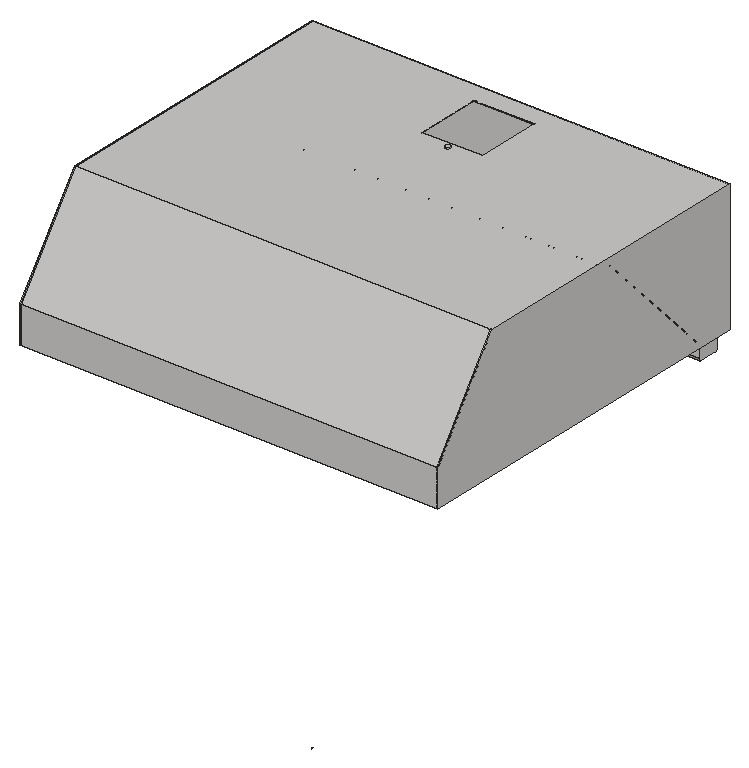
Revit family "QF_ELECTROLUXPROFESSIONAL_644242_ABPV1416DT", category Attrezzature speciali, Revit 2021
Family settings
  Quota connettore circolare = Usa diametro
  Tipo di parte = Normale
  Basato su piano di lavoro = No
  Sempre verticale = Sì
  Taglio con vuoti quando caricato = No
  Condiviso = No
  Punto di calcolo locali = No
Parameters (values of type "Standard")
  Weight = 56.00 kg
  Watts = 550 W
  Volts = 220 V
  URL Manufacturer = "https://www.electroluxprofessional.com/"
  URL = "https://www.electroluxprofessional.com/"
  Steam Supply Size = 0 mm
  Steam Supply Minimum Pressure = 0.0 Pa
  Steam Supply Maximum Pressure = 0.0 Pa
  Steam Consumption per Hour = 0
  Refrigeration Suction Line Size = 0 mm
  Refrigeration Liquid Line Size = 0 mm
  Refrigerant Compressor Remote = yes
  Prospetto di default = 0 mm
  Produttore = "Electrolux Professional"
  Phase = 1
  Modello = "ABPV1416DT"
  Length Actual = 1600 mm  # constant formula
  Item Number = "644242"
  Hot Water Size = 0 mm
  Height Actual = 500 mm  # constant formula
  HP = "0.7 HP"
  Gas Size = 0 mm
  Gas KW = 0
  Gas Input Pressure = 0 W
  Direct Waste Size = 0 mm
  Descrizione = "304 S/S WALL HOOD+FILTER+FAN 1600X1400MM"
  Depth Actual = 1400 mm  # constant formula
  Cycle = 50 Hz
  Condensate Return Size = 0 mm
  Compressed Air Volume = 0.0 L/s
  Compressed Air Size = 0 mm
  Compressed Air Pressure = 0.0 Pa
  Cold Water Size = 0 mm
  Accessory = yes
Reference planes
  plane 1: z = 0
  plane 2 "Center (Left/Right)": x = 150
  plane 3 "LEFT": x = -650
  plane 4 "RIGHT": x = 950
  plane 5 "BACK": y = 550
  plane 6 "TOP": z = 2500
  plane 7 "Base": z = 2000
  plane 8: z = 1926
  plane 9 "DrainY": y = 485
  plane 10: x = -647
  plane 11: through (0, 414.509, 2000.8) normal (0, 0.7314, 0.682)
  plane 12: y = 470
  plane 13: y = 220
  plane 14 "DrainX": x = 830
  plane 15: x = 33.5
  plane 16: x = 266.5
  plane 17: x = 947
  plane 18: x = 740
  plane 19: x = 920
  plane 20: x = -450
  plane 21: x = 750
  plane 22: x = -47.5
  plane 23: x = 347.5
  plane 24: z = 2140
  plane 25: y = -290
  plane 26: y = 200
  plane 27 "Center (Front/Back)": y = -150
  plane 28 "Front": y = -850
Forms (mm)
  Extrusion 1, solid, material "QF_Finishes_Stainless Steel"
    sketch origin (-650, 0, 360) x (0, 1, 0) y (0, 0, 1)
      loop
        line (550, 1640) -> (550, 2140) -> (-590, 2140) -> (-850, 1780) -> (-850, 1640) -> (550, 1640)
    from 0 to 3
  Extrusion 2, solid, material "QF_Finishes_Stainless Steel"
    sketch origin (150, 0, 360) x (0, 1, 0) y (0, 0, 1)
      loop
        line (415.255, 1640) -> (550, 1640) -> (550, 2139.19) -> (549.2, 2139.19) -> (549.2, 1640.8) -> (415.876, 1640.8) -> (339.347, 1722.867) -> (349.609, 1732.436) -> (348.927, 1733.167) -> (337.934, 1722.917) -> (415.255, 1640)
      loop
        line (-82.203, 2139.19) -> (-82.203, 2118.6) -> (-31.047, 2118.6) -> (34.354, 2048.466) -> (46.028, 2059.352) -> (45.346, 2060.083) -> (34.403, 2049.879) -> (-30.612, 2119.6) -> (-81.203, 2119.6) -> (-81.203, 2139.19) -> (-82.203, 2139.19)
    from -797 to 797
  Extrusion 3, solid, material "QF_Finishes_Stainless Steel"
    sketch origin (950, 0, 360) x (0, 1, 0) y (0, 0, 1)
      loop
        line (550, 1640) -> (550, 2140) -> (-590, 2140) -> (-850, 1780) -> (-850, 1640) -> (550, 1640)
    from 0 to -3
  Extrusion 4, solid, material "QF_Finishes_Stainless Steel"
    sketch origin (150, 0, 360) x (0, 1, 0) y (0, 0, 1)
      loop
        line (-590, 2140) -> (-850, 1780) -> (-850, 1640) -> (-849.2, 1640) -> (-849.2, 1779.741) -> (-589.598, 2139.19) -> (550, 2139.19) -> (550, 2140) -> (-590, 2140)
    from -800 to 800
  Extrusion 5, solid, material "QF_Finishes_Stainless Steel"
    sketch origin (150, 0, 360) x (0, 1, 0) y (0, 0, 1)
      loop
        line (534, 1640) -> (436, 1640) -> (436, 1627) -> (443.5, 1627) -> (443.5, 1576)
        arc (443.5, 1576) -> (446.429, 1568.929) -> (453.5, 1566) r 10
        line (453.5, 1566) -> (516.5, 1566)
        arc (516.5, 1566) -> (523.571, 1568.929) -> (526.5, 1576) r 10
        line (526.5, 1576) -> (526.5, 1627) -> (534, 1627) -> (534, 1640)
    from 590 to 770
  Extrusion 6, solid, material "QF_Finishes_Stainless Steel"
    sketch origin (0, 0, 2000) x (0, 1, 0) y (-1, 0, 0)
      loop
        circle (485, -830) r 20
    from -76 to -74
  Extrusion 7, solid, material "QF_Finished_Chrome"
    sketch origin (150, 0, 360) x (0, 1, 0) y (0, 0, 1)
      loop
        line (337.934, 1722.917) -> (341.591, 1726.327) -> (38.011, 2051.876) -> (34.354, 2048.466) -> (337.934, 1722.917)
    from -197.5 to -600
  Extrusion 8, solid, material "QF_Finishes_Stainless Steel"
    sketch origin (150, 0, 360) x (0, 1, 0) y (0, 0, 1)
      loop
        line (337.934, 1722.917) -> (341.591, 1726.327) -> (38.011, 2051.876) -> (34.354, 2048.466) -> (337.934, 1722.917)
    from 797 to 600
  Extrusion 9, solid, material "QF_Finished_Chrome"
    sketch origin (150, 0, 360) x (0, 1, 0) y (0, 0, 1)
      loop
        line (341.588, 1726.324) -> (38.009, 2051.874) -> (34.354, 2048.466) -> (337.934, 1722.917) -> (341.588, 1726.324)
    from 197.5 to 600
  Extrusion 10, void
    sketch origin (0, 0, 2500) x (0, 1, 0) y (-1, 0, 0)
      loop
        line (470, -266.5) -> (470, -33.5) -> (220, -33.5) -> (220, -266.5) -> (470, -266.5)
    from 0 to -10
  Extrusion 11, solid, material "QF_Finishes_Stainless Steel"
    sketch origin (0, 0, 0) x (1, 0, 0) y (0, 1, 0)
      loop
        line (-650, 550) -> (-650, 549) -> (-649, 549) -> (-649, 550) -> (-650, 550)
    from 0 to 1
  Extrusion 12, solid, material "QF_Finishes_Stainless Steel"
    sketch origin (150, 0, 360) x (0, 1, 0) y (0, 0, 1)
      loop
        line (337.934, 1722.917) -> (341.591, 1726.327) -> (38.011, 2051.876) -> (34.354, 2048.466) -> (337.934, 1722.917)
    from -600 to -797
  Extrusion 13, solid, material "QF_Finishes_Stainless Steel"
    sketch origin (150, 0, 360) x (0, 1, 0) y (0, 0, 1)
      loop
        line (337.934, 1722.917) -> (341.591, 1726.327) -> (38.011, 2051.876) -> (34.354, 2048.466) -> (337.934, 1722.917)
    from 197.5 to -197.5
  Extrusion 14, solid, material "QF_Finishes_Stainless Steel"
    sketch origin (0, 0, 2500) x (0, 1, 0) y (-1, 0, 0)
      loop
        circle (200, -150) r 10
    from 0 to 1.6
Cuts and joins
  Extrusion 10 cuts Extrusion 4
  joined: Extrusion 2, Extrusion 4
Lines and regions (mm)
  reference lines
    curve 1: line (150, 34.354, 2408.466) -> (150, 34.354, 2248.466)
  symbolic lines, style "SpecialityEquipment", detail levels coarse
    curve 2: line (950, 550, 2500) -> (-650, 550, 2500)
    curve 3: line (-650, 550, 2500) -> (-650, -850, 2500)
    curve 4: line (950, -850, 2500) -> (950, 550, 2500)
    curve 5: line (-650, -850, 2500) -> (950, -850, 2500)
    curve 6: line (266.5, 220, 2500) -> (33.5, 220, 2500)
    curve 7: line (266.5, 470, 2500) -> (266.5, 220, 2500)
    curve 8: line (33.5, 470, 2500) -> (266.5, 470, 2500)
    curve 9: line (33.5, 220, 2500) -> (33.5, 470, 2500)
    curve 10: line (-647, -589.598, 0) -> (950, 550, 0)
    curve 11: line (-650, 550, 0) -> (950, -589.598, 0)
  symbolic lines, detail levels coarse
    curve 12: line (950, -589.598, 2500) -> (-650, -589.598, 2500)
Dimensions and locks
  plane 3 "LEFT" to plane 4 "RIGHT" = 1600 mm
  equal spacing: plane 3 "LEFT", plane 2 "Center (Left/Right)", plane 4 "RIGHT"
  locked: plane 6 "TOP" to plane 7 "Base" at 500
  plane 7 "Base" to plane 8 = 74 mm
  plane 5 "BACK" to plane 9 "DrainY" = 65 mm  (x2)
  plane 3 "LEFT" to plane 10 = 3 mm
  plane 5 "BACK" to plane 12 = 80 mm
  plane 12 to plane 13 = 250 mm  (x2)
  plane 14 "DrainX" to plane 4 "RIGHT" = 120 mm
  plane 17 to plane 4 "RIGHT" = 3 mm
  locked: plane 18 to plane 14 "DrainX" at 90
  locked: plane 14 "DrainX" to plane 19 at 90
  plane 12 to plane 5 "BACK" = 80 mm
  plane 3 "LEFT" to plane 20 = 200 mm
  plane 21 to plane 4 "RIGHT" = 200 mm
  locked: plane 22 to plane 23 at 395
  equal spacing: plane 22, plane 2 "Center (Left/Right)", plane 23
  locked: plane 15 to plane 16 at 233
  equal spacing: plane 15, plane 2 "Center (Left/Right)", plane 16
  locked: plane 7 "Base" to level at 2000
  plane 24 to plane 7 "Base" = 140 mm
  plane 13 to plane 26 = 20 mm
  locked: plane 5 "BACK" to plane 28 "Front" at 1400
  equal spacing: plane 5 "BACK", plane 27 "Center (Front/Back)", plane 28 "Front"
  plane 5 "BACK" to plane 28 "Front" = 1400 mm
  aligned and locked: level to plane 1
  aligned and locked: Extrusion 2 to Extrusion 1
  aligned and locked: Extrusion 2 to Extrusion 3
  aligned and locked: plane 4 "RIGHT" to Extrusion 4
  aligned and locked: Extrusion 4 to plane 3 "LEFT"
  aligned and locked: plane 17 to Extrusion 8
  aligned and locked: Extrusion 10 to plane 15
  aligned and locked: Extrusion 10 to plane 13
  aligned and locked: Extrusion 10 to plane 12
  aligned and locked: Extrusion 2 to Extrusion 4
  aligned and locked: plane 19 to Extrusion 5
  aligned and locked: Extrusion 5 to plane 18
  aligned and locked: Extrusion 8 to plane 21
  aligned and locked: Extrusion 9 to plane 21
  aligned and locked: Extrusion 7 to plane 20
  aligned and locked: Extrusion 12 to plane 10
  aligned and locked: plane 20 to Extrusion 12
  aligned and locked: Extrusion 3 to plane 17
  aligned and locked: Extrusion 10 to plane 16
  aligned and locked: plane 16 to curve 7
  aligned and locked: plane 23 to Extrusion 13
  aligned and locked: Extrusion 13 to plane 22
  aligned and locked: Extrusion 9 to plane 23
Automatic sketch dimensions
  curve 5 to plane 4 "RIGHT" = 0 mm
  curve 6 to plane 13 = 0 mm
  plane 12 to curve 8 = 0 mm
  curve 3 to plane 3 "LEFT" = 0 mm
  curve 3 to plane 5 "BACK" = 0 mm
  curve 6 to plane 15 = 0 mm
  Extrusion 2 sketch curve to plane 11 = 0 mm  (x3)
  Extrusion 2 sketch curve to plane 7 "Base" = 0 mm
  plane 11 to Extrusion 2 sketch curve = 0 mm
  Extrusion 2 sketch curve to plane 5 "BACK" = 0 mm
  Extrusion 2 sketch curve to Extrusion 2 sketch curve = 65.646 mm
  Extrusion 2 sketch curve to Extrusion 2 sketch curve = 0.682 mm  (x2)
  Extrusion 2 sketch curve to Extrusion 2 sketch curve = 10.261 mm
  plane 7 "Base" to Extrusion 2 sketch curve = 82.917 mm
  Extrusion 2 sketch curve to Extrusion 2 sketch curve = 10.942 mm
  Extrusion 2 sketch curve to Extrusion 2 sketch curve = 0.049 mm
  Extrusion 2 sketch curve to plane 6 "TOP" = 20.4 mm
  Extrusion 2 sketch curve to plane 6 "TOP" = 21.4 mm
  Extrusion 2 sketch curve to plane 6 "TOP" = 0.81 mm  (x2)
  Extrusion 2 sketch curve to Extrusion 2 sketch curve = 50.156 mm
  Extrusion 2 sketch curve to Extrusion 2 sketch curve = 1 mm
  plane 7 "Base" to Extrusion 2 sketch curve = 0.8 mm
  Extrusion 2 sketch curve to plane 5 "BACK" = 0.8 mm
  curve 1 to plane 11 = 0 mm
  Extrusion 5 sketch curve to plane 7 "Base" = 0 mm
  Extrusion 5 sketch curve to plane 8 = 0 mm
  Extrusion 5 sketch curve to plane 7 "Base" = 13 mm  (x2)
  plane 12 to Extrusion 5 sketch curve = 34 mm
  Extrusion 5 sketch curve to Extrusion 5 sketch curve = 7.5 mm  (x2)
  Extrusion 5 sketch curve to Extrusion 5 sketch curve = 10 mm
  plane 9 "DrainY" to Extrusion 5 sketch curve = 31.5 mm
  Extrusion 5 sketch curve to plane 5 "BACK" = 23.5 mm
  Extrusion 6 sketch curve to plane 9 "DrainY" = 0 mm
  Extrusion 6 sketch curve to plane 14 "DrainX" = 0 mm
  Extrusion 7 sketch curve to plane 11 = 0 mm  (x2)
  Extrusion 7 sketch curve to Extrusion 7 sketch curve = 3.657 mm
  plane 7 "Base" to Extrusion 7 sketch curve = 82.917 mm
  Extrusion 8 sketch curve to plane 11 = 0 mm  (x2)
  Extrusion 8 sketch curve to Extrusion 8 sketch curve = 3.657 mm
  plane 7 "Base" to Extrusion 8 sketch curve = 82.917 mm
  Extrusion 9 sketch curve to plane 11 = 0 mm  (x2)
  Extrusion 9 sketch curve to Extrusion 9 sketch curve = 3.655 mm
  plane 7 "Base" to Extrusion 9 sketch curve = 82.917 mm
  Extrusion 10 sketch curve to plane 13 = 0 mm
  plane 12 to Extrusion 10 sketch curve = 0 mm
  Extrusion 10 sketch curve to plane 16 = 0 mm
  Extrusion 10 sketch curve to plane 15 = 0 mm
  Extrusion 11 sketch curve to plane 3 "LEFT" = 0 mm
  Extrusion 11 sketch curve to plane 5 "BACK" = 0 mm
  plane 3 "LEFT" to Extrusion 11 sketch curve = 1 mm
  Extrusion 11 sketch curve to Extrusion 11 sketch curve = 1 mm
  Extrusion 12 sketch curve to plane 11 = 0 mm  (x2)
  Extrusion 12 sketch curve to Extrusion 12 sketch curve = 3.657 mm
  plane 7 "Base" to Extrusion 12 sketch curve = 82.917 mm
  Extrusion 13 sketch curve to plane 11 = 0 mm  (x2)
  Extrusion 13 sketch curve to Extrusion 13 sketch curve = 3.657 mm
  plane 7 "Base" to Extrusion 13 sketch curve = 82.917 mm
  curve 1 to curve 1 = 160 mm
  Extrusion 4 sketch curve to plane 6 "TOP" = 0 mm
  plane 25 to Extrusion 4 sketch curve = 300 mm
  Extrusion 4 sketch curve to plane 5 "BACK" = 0 mm
  Extrusion 4 sketch curve to plane 24 = 0 mm
  Extrusion 4 sketch curve to Extrusion 4 sketch curve = 0.81 mm
  plane 25 to Extrusion 4 sketch curve = 299.598 mm
  Extrusion 4 sketch curve to plane 7 "Base" = 0 mm
  Extrusion 4 sketch curve to plane 24 = 0.259 mm
  Extrusion 1 sketch curve to plane 5 "BACK" = 0 mm
  Extrusion 1 sketch curve to plane 7 "Base" = 0 mm
  Extrusion 1 sketch curve to plane 6 "TOP" = 0 mm
  plane 25 to Extrusion 1 sketch curve = 300 mm
  Extrusion 1 sketch curve to plane 24 = 0 mm
  Extrusion 3 sketch curve to plane 5 "BACK" = 0 mm
  Extrusion 3 sketch curve to plane 7 "Base" = 0 mm
  Extrusion 3 sketch curve to plane 6 "TOP" = 0 mm
  plane 25 to Extrusion 3 sketch curve = 300 mm
  Extrusion 3 sketch curve to plane 24 = 0 mm
  Extrusion 14 sketch curve to plane 2 "Center (Left/Right)" = 0 mm
  plane 26 to Extrusion 14 sketch curve = 0 mm
  Extrusion 2 sketch curve to plane 6 "TOP" = 91.534 mm
  plane 24 to curve 1 = 108.466 mm
  Extrusion 7 sketch curve to plane 6 "TOP" = 88.124 mm
  Extrusion 8 sketch curve to plane 6 "TOP" = 88.124 mm
  Extrusion 9 sketch curve to plane 6 "TOP" = 88.126 mm
  Extrusion 12 sketch curve to plane 6 "TOP" = 88.124 mm
  Extrusion 13 sketch curve to plane 6 "TOP" = 88.124 mm
  plane 25 to curve 5 = 560 mm
  plane 25 to Extrusion 1 sketch curve = 560 mm
  plane 25 to Extrusion 3 sketch curve = 560 mm
  plane 25 to Extrusion 4 sketch curve = 559.2 mm
  Extrusion 4 sketch curve to Extrusion 4 sketch curve = 0.8 mm
  curve 11 to plane 3 "LEFT" = 0 mm
  curve 10 to plane 10 = 0 mm
  curve 10 to plane 4 "RIGHT" = 0 mm
  curve 11 to plane 4 "RIGHT" = 0 mm
  curve 11 to plane 5 "BACK" = 0 mm
  curve 10 to plane 5 "BACK" = 0 mm
  plane 28 "Front" to curve 10 = 260.402 mm
  plane 28 "Front" to curve 11 = 260.402 mm
  curve 4 to curve 12 = 260.402 mm
  radius of Extrusion 6 sketch curve = 20 mm
  radius of Extrusion 14 sketch curve = 10 mm
Connectors
  piping at (830, 485, 1924), diameter 20
    settings: on Extrusion 6, index 1, connector inside diameter 609.6 mm, connector length 0 mm, flow factor 0, pipe flow 0.0 L/s, pressure drop 0.0 Pa, fitting loss kfactor 0, connector angle 0.00°, fixture units 0, engagement length 0 mm, angle of deflection 0.00°, flow configuration 1, flow direction 2, fitting loss method 0, system type 16, joint type 0, gender type 0, connector reference index -1, connector utility 0, adjustable connector no, is connector primary yes, connector description "Drain"
  hvac at (150, 345, 2500)
    settings: on Extrusion 10, index 2, duct flow 0.0 L/s, flow factor 0, pres drop 0.0 Pa, loss coef 0, conn angle 0.00°, conn width 250 mm, conn height 233 mm, conn diameter 609.6 mm, duct sys type 3, conn prof type 1, flow config 1, flow direction 2, loss method 0, conn ref index -1, conn util no, is conn primary yes, conn desc "EXHAUST OUTLET"
  electrical at (150, 200, 2501.6), driven by "Volts"
    settings: on Extrusion 14, index 3, voltage 220 V, apparent load 0 VA, apparent load phase1 0 VA, apparent load phase2 0 VA, apparent load phase3 0 VA, power factor 1, load classification "Other", number of poles 1, system type 30, power factor state 1, is connector primary yes, connector utility no, sub classification motor no, connector description "Electrical Connection"
